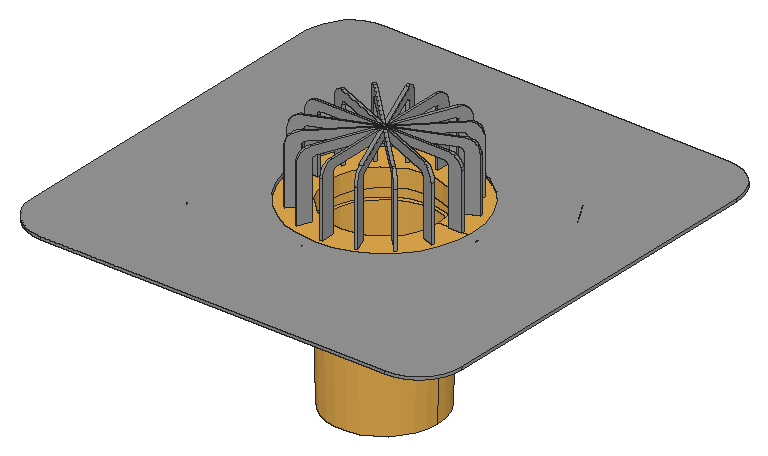
Revit family "TOPWET_Střešní vpust TW(E) 125 S", category Instalační zařizovací předměty, Revit 2016 (continued)
Definition of nested family "Perforovaný ochranný koš TWOK"
  Automatic sketch dimensions
    plane 1 "Střed (vpředu/vzadu)" to curve 85 = 22.906 mm
    curve 35 to plane 1 "Střed (vpředu/vzadu)" = 22.906 mm
    curve 36 to plane 1 "Střed (vpředu/vzadu)" = 19.102 mm
    plane 1 "Střed (vpředu/vzadu)" to curve 86 = 19.102 mm
    curve 57 to curve 56 = 2.351 mm
    curve 58 to curve 57 = 7.861 mm
    curve 8 to curve 7 = 7.861 mm
    curve 59 to curve 58 = 1.236 mm
    curve 10 to curve 9 = 2.709 mm
    curve 60 to curve 10 = 0 mm
    curve 32 to curve 33 = 12.244 mm
    curve 82 to curve 83 = 12.244 mm  (x2)
    curve 33 to curve 34 = 2.351 mm
    curve 83 to curve 84 = 2.351 mm
    curve 34 to curve 35 = 7.861 mm
    curve 84 to curve 85 = 7.861 mm
    curve 85 to curve 86 = 1.236 mm
    curve 35 to curve 36 = 1.236 mm
    curve 36 to curve 37 = 2.709 mm
    curve 87 to curve 37 = 0 mm
    curve 55 to curve 57 = 15.48 mm
    curve 80 to curve 81 = 7.861 mm
    curve 53 to curve 54 = 7.861 mm
    curve 51 to curve 53 = 1.236 mm
    curve 78 to curve 80 = 1.236 mm
    curve 52 to curve 51 = 2.709 mm
    curve 52 to curve 79 = 0 mm
    curve 56 to curve 57 = 3.236 mm
    curve 7 to curve 6 = 3.236 mm
    curve 33 to curve 32 = 12.244 mm
    curve 31 to curve 30 = 7.861 mm
    curve 4 to curve 3 = 7.861 mm
    curve 30 to curve 28 = 1.236 mm
    curve 3 to curve 1 = 1.236 mm
    curve 28 to curve 29 = 2.709 mm
    curve 2 to curve 29 = 0 mm
    Extrusion 2 sketch curve to Extrusion 2 sketch curve = 0 mm  (x38)
    Extrusion 2 sketch curve to plane 1 "Střed (vpředu/vzadu)" = 0.269 mm
    Extrusion 2 sketch curve to plane 1 "Střed (vpředu/vzadu)" = 2 mm  (x2)
    Extrusion 2 sketch curve to Extrusion 2 sketch curve = 3.188 mm  (x3)
    Extrusion 2 sketch curve to Extrusion 2 sketch curve = 3.236 mm  (x7)
    Extrusion 2 sketch curve to plane 1 "Střed (vpředu/vzadu)" = 8.424 mm
    Extrusion 2 sketch curve to Extrusion 2 sketch curve = 1.97 mm  (x4)
    Extrusion 2 sketch curve to plane 3 "Střed (vlevo/vpravo)" = 1.676 mm  (x2)
    Extrusion 2 sketch curve to Extrusion 2 sketch curve = 1.236 mm  (x3)
    plane 3 "Střed (vlevo/vpravo)" to Extrusion 2 sketch curve = 1.676 mm  (x2)
    Extrusion 2 sketch curve to Extrusion 2 sketch curve = 36.334 mm  (x4)
    plane 3 "Střed (vlevo/vpravo)" to Extrusion 2 sketch curve = 22.906 mm  (x2)
    Extrusion 2 sketch curve to Extrusion 2 sketch curve = 22.456 mm  (x3)
    Extrusion 2 sketch curve to plane 3 "Střed (vlevo/vpravo)" = 23.035 mm
    Extrusion 2 sketch curve to Extrusion 2 sketch curve = 22.528 mm
    Extrusion 2 sketch curve to plane 3 "Střed (vlevo/vpravo)" = 19.102 mm  (x2)
    Extrusion 2 sketch curve to Extrusion 2 sketch curve = 0.84 mm
    plane 3 "Střed (vlevo/vpravo)" to Extrusion 2 sketch curve = 19.102 mm  (x2)
    plane 1 "Střed (vpředu/vzadu)" to Extrusion 2 sketch curve = 2 mm  (x2)
    Extrusion 2 sketch curve to plane 3 "Střed (vlevo/vpravo)" = 22.906 mm
    Extrusion 2 sketch curve to Extrusion 2 sketch curve = 31.224 mm
    Extrusion 2 sketch curve to Extrusion 2 sketch curve = 2.351 mm  (x6)
    Extrusion 2 sketch curve to Extrusion 2 sketch curve = 11.092 mm
    Extrusion 2 sketch curve to Extrusion 2 sketch curve = 6.516 mm
    Extrusion 2 sketch curve to Extrusion 2 sketch curve = 3.804 mm  (x2)
  Nested families
    nested 1: "Odvodňovací kroužek pro ochranný koš TW ODK" at (0, 0, -15), visible <- "VPK", type "Odvodňovací kroužek pro ochranný koš TW ODK"
      with Seříznutí 0 mm, OBJEDNACÍ KÓD "TW ODK", OBJEDNACÍ KOMENTÁŘ "TW ODK, Odvodňovací kroužek"
    nested 2: "Odvodňovací kroužek pro ochranný koš TW ODK" at (0, 0, -48), visible <- "VPK", type "Odvodňovací kroužek pro ochranný koš TW ODK"
      with Seříznutí 0 mm, OBJEDNACÍ KÓD "TW ODK", OBJEDNACÍ KOMENTÁŘ "TW ODK, Odvodňovací kroužek"
    nested 3: "Odvodňovací kroužek pro ochranný koš TW ODK" at (0, 0, -81), Seříznutí <- "OK", visible <- "VOK", type "Odvodňovací kroužek pro ochranný koš TW ODK"
      with Seříznutí 15 mm, OBJEDNACÍ KÓD "TW ODK", OBJEDNACÍ KOMENTÁŘ "TW ODK, Odvodňovací kroužek"
    nested 4: "Odvodňovací kroužek pro ochranný koš TW ODK" at (0, 0, -15), visible <- "K1", type "Odvodňovací kroužek pro ochranný koš TW ODK"
      with Seříznutí 0 mm
  Definition of nested family "Odvodňovací kroužek pro ochranný koš TW ODK"
    Parameters (values of type "Odvodňovací kroužek pro ochranný koš TW ODK")
      Manufacturer = "TOPWET"  # constant formula
      URL = "http://topwet.cz/produkty/269-odvodnovaci-krouzek"
      Seříznutí [instance] = 0 mm
      Description = "Příslušenství vpusti"
      OBJEDNACÍ KÓD [instance] = "TW ODK"
      OBJEDNACÍ KOMENTÁŘ [instance] = "TW ODK, Odvodňovací kroužek"
      Model = ""  # constant formula
      Type Comments = ""  # constant formula
      Keynote = "TW ODK"
      Cost = 0
      COPYRIGHT = "©TOPWET"  # constant formula
    Reference planes
      plane 1 "Střed (vpředu/vzadu)": y = 0
      plane 2: z = 0
      plane 3 "Střed (vlevo/vpravo)": x = 0
      plane 4: z = -33
      plane 5: z = -33
      plane 6: z = -33
    Forms (mm)
      Extrusion 1, solid, detail levels medium+fine
        sketch origin (0, 0, 0) x (1, 0, 0) y (0, 1, 0)
          loop
            circle (0, 0) r 64.5
          loop
            circle (0, 0) r 67.5
        from 15 to -18
      Sweep 2, void
        path origin (0, 0, 0) x (0.987688, 0.156434, 0) y (-0.156434, 0.987688, 0)
          loop
            line (0, -72.5) -> (0, 72.5)
        profile origin (0, 0, 0) x (-0.987688, -0.156434, 0) y (0, 0, 1)
          loop
            line (7.4, -18) -> (7.4, -4.2)
            arc (7.4, -4.2) -> (6.521, -2.079) -> (4.4, -1.2) r 3
            line (4.4, -1.2) -> (-4.4, -1.2)
            arc (-4.4, -1.2) -> (-6.521, -2.079) -> (-7.4, -4.2) r 3
            line (-7.4, -4.2) -> (-7.4, -18) -> (7.4, -18)
      Sweep 3, void
        path origin (0, 0, 0) x (0.891007, 0.45399, 0) y (-0.45399, 0.891007, 0)
          loop
            line (0, -72.5) -> (0, 72.5)
        profile origin (0, 0, 0) x (-0.891007, -0.45399, 0) y (0, 0, 1)
          loop
            line (7.4, -18) -> (7.4, -4.2)
            arc (7.4, -4.2) -> (6.521, -2.079) -> (4.4, -1.2) r 3
            line (4.4, -1.2) -> (-4.4, -1.2)
            arc (-4.4, -1.2) -> (-6.521, -2.079) -> (-7.4, -4.2) r 3
            line (-7.4, -4.2) -> (-7.4, -18) -> (7.4, -18)
      Sweep 4, void
        path origin (0, 0, 0) x (0.707107, 0.707107, 0) y (-0.707107, 0.707107, 0)
          loop
            line (0, -72.5) -> (0, 72.5)
        profile origin (0, 0, 0) x (-0.707107, -0.707107, 0) y (0, 0, 1)
          loop
            line (7.4, -18) -> (7.4, -4.2)
            arc (7.4, -4.2) -> (6.521, -2.079) -> (4.4, -1.2) r 3
            line (4.4, -1.2) -> (-4.4, -1.2)
            arc (-4.4, -1.2) -> (-6.521, -2.079) -> (-7.4, -4.2) r 3
            line (-7.4, -4.2) -> (-7.4, -18) -> (7.4, -18)
      Sweep 5, void
        path origin (0, 0, 0) x (0.45399, 0.891007, 0) y (-0.891007, 0.45399, 0)
          loop
            line (0, -72.5) -> (0, 72.5)
        profile origin (0, 0, 0) x (-0.45399, -0.891007, 0) y (0, 0, 1)
          loop
            line (7.4, -18) -> (7.4, -4.2)
            arc (7.4, -4.2) -> (6.521, -2.079) -> (4.4, -1.2) r 3
            line (4.4, -1.2) -> (-4.4, -1.2)
            arc (-4.4, -1.2) -> (-6.521, -2.079) -> (-7.4, -4.2) r 3
            line (-7.4, -4.2) -> (-7.4, -18) -> (7.4, -18)
      Sweep 6, void
        path origin (0, 0, 0) x (0.156434, 0.987688, 0) y (-0.987688, 0.156434, 0)
          loop
            line (0, -72.5) -> (0, 72.5)
        profile origin (0, 0, 0) x (-0.156434, -0.987688, 0) y (0, 0, 1)
          loop
            line (7.4, -18) -> (7.4, -4.2)
            arc (7.4, -4.2) -> (6.521, -2.079) -> (4.4, -1.2) r 3
            line (4.4, -1.2) -> (-4.4, -1.2)
            arc (-4.4, -1.2) -> (-6.521, -2.079) -> (-7.4, -4.2) r 3
            line (-7.4, -4.2) -> (-7.4, -18) -> (7.4, -18)
      Sweep 7, void
        path origin (0, 0, 0) x (-0.987688, 0.156434, 0) y (0.156434, 0.987688, 0)
          loop
            line (0, -72.5) -> (0, 72.5)
        profile origin (0, 0, 0) x (-0.987688, 0.156434, 0) y (0, 0, 1)
          loop
            line (-7.4, -18) -> (7.4, -18) -> (7.4, -4.2)
            arc (7.4, -4.2) -> (6.521, -2.079) -> (4.4, -1.2) r 3
            line (4.4, -1.2) -> (-4.4, -1.2)
            arc (-4.4, -1.2) -> (-6.521, -2.079) -> (-7.4, -4.2) r 3
            line (-7.4, -4.2) -> (-7.4, -18)
      Sweep 8, void
        path origin (0, 0, 0) x (-0.891007, 0.45399, 0) y (0.45399, 0.891007, 0)
          loop
            line (0, -72.5) -> (0, 72.5)
        profile origin (0, 0, 0) x (-0.891007, 0.45399, 0) y (0, 0, 1)
          loop
            line (-7.4, -18) -> (7.4, -18) -> (7.4, -4.2)
            arc (7.4, -4.2) -> (6.521, -2.079) -> (4.4, -1.2) r 3
            line (4.4, -1.2) -> (-4.4, -1.2)
            arc (-4.4, -1.2) -> (-6.521, -2.079) -> (-7.4, -4.2) r 3
            line (-7.4, -4.2) -> (-7.4, -18)
      Sweep 9, void
        path origin (0, 0, 0) x (-0.707107, 0.707107, 0) y (0.707107, 0.707107, 0)
          loop
            line (0, -72.5) -> (0, 72.5)
        profile origin (0, 0, 0) x (-0.707107, 0.707107, 0) y (0, 0, 1)
          loop
            line (-7.4, -18) -> (7.4, -18) -> (7.4, -4.2)
            arc (7.4, -4.2) -> (6.521, -2.079) -> (4.4, -1.2) r 3
            line (4.4, -1.2) -> (-4.4, -1.2)
            arc (-4.4, -1.2) -> (-6.521, -2.079) -> (-7.4, -4.2) r 3
            line (-7.4, -4.2) -> (-7.4, -18)
      Sweep 10, void
        path origin (0, 0, 0) x (-0.45399, 0.891007, 0) y (0.891007, 0.45399, 0)
          loop
            line (0, -72.5) -> (0, 72.5)
        profile origin (0, 0, 0) x (-0.45399, 0.891007, 0) y (0, 0, 1)
          loop
            line (-7.4, -18) -> (7.4, -18) -> (7.4, -4.2)
            arc (7.4, -4.2) -> (6.521, -2.079) -> (4.4, -1.2) r 3
            line (4.4, -1.2) -> (-4.4, -1.2)
            arc (-4.4, -1.2) -> (-6.521, -2.079) -> (-7.4, -4.2) r 3
            line (-7.4, -4.2) -> (-7.4, -18)
      Sweep 11, void
        path origin (0, 0, 0) x (-0.156434, 0.987688, 0) y (0.987688, 0.156434, 0)
          loop
            line (0, -72.5) -> (0, 72.5)
        profile origin (0, 0, 0) x (-0.156434, 0.987688, 0) y (0, 0, 1)
          loop
            line (-7.4, -18) -> (7.4, -18) -> (7.4, -4.2)
            arc (7.4, -4.2) -> (6.521, -2.079) -> (4.4, -1.2) r 3
            line (4.4, -1.2) -> (-4.4, -1.2)
            arc (-4.4, -1.2) -> (-6.521, -2.079) -> (-7.4, -4.2) r 3
            line (-7.4, -4.2) -> (-7.4, -18)
      Extrusion 12, solid, detail levels medium+fine
        sketch origin (0, 0, 0) x (1, 0, 0) y (0, 1, 0)
          loop
            circle (0, 0) r 60
          loop
            circle (0, 0) r 64.5
        from -18 to -33
    Cuts and joins
      Sweep 2, Sweep 3, Sweep 4, Sweep 5, Sweep 6, Sweep 7, Sweep 8, Sweep 9, Sweep 10, Sweep 11 cuts Extrusion 1
    Dimensions and locks
      "Seříznutí": plane 5 to plane 4
      locked: plane 6 to plane 5 at 0
      aligned and locked: level to plane 2
    Automatic sketch dimensions
      Extrusion 1 sketch curve to Extrusion 1 sketch curve = 0 mm  (x2)
      plane 1 "Střed (vpředu/vzadu)" to Extrusion 1 sketch curve = 0 mm
      Extrusion 1 sketch curve to plane 3 "Střed (vlevo/vpravo)" = 0 mm
      Sweep 2 sketch curve to plane 3 "Střed (vlevo/vpravo)" = 11.341 mm
      Sweep 2 sketch curve to plane 1 "Střed (vpředu/vzadu)" = 71.607 mm
      Sweep 2 sketch curve to Sweep 2 sketch curve = 145 mm
      profile plane to Sweep 2 sketch curve = 7.4 mm
      Sweep 2 sketch curve to level = 1.2 mm
      Sweep 2 sketch curve to Sweep 2 sketch curve = 3 mm
      Sweep 2 sketch curve to profile plane = 4.4 mm
      Sweep 2 sketch curve to profile plane = 7.4 mm
      Sweep 2 sketch curve to Sweep 2 sketch curve = 13.8 mm
      Sweep 3 sketch curve to plane 3 "Střed (vlevo/vpravo)" = 32.914 mm
      Sweep 3 sketch curve to plane 1 "Střed (vpředu/vzadu)" = 64.598 mm
      Sweep 3 sketch curve to Sweep 3 sketch curve = 145 mm
      profile plane to Sweep 3 sketch curve = 7.4 mm
      Sweep 3 sketch curve to level = 1.2 mm
      Sweep 3 sketch curve to Sweep 3 sketch curve = 3 mm
      Sweep 3 sketch curve to profile plane = 4.4 mm
      Sweep 3 sketch curve to profile plane = 7.4 mm
      Sweep 3 sketch curve to Sweep 3 sketch curve = 13.8 mm
      Sweep 4 sketch curve to plane 1 "Střed (vpředu/vzadu)" = 51.265 mm
      Sweep 4 sketch curve to plane 3 "Střed (vlevo/vpravo)" = 51.265 mm
      Sweep 4 sketch curve to Sweep 4 sketch curve = 145 mm
      profile plane to Sweep 4 sketch curve = 7.4 mm
      Sweep 4 sketch curve to level = 1.2 mm
      Sweep 4 sketch curve to Sweep 4 sketch curve = 3 mm
      Sweep 4 sketch curve to profile plane = 4.4 mm
      Sweep 4 sketch curve to profile plane = 7.4 mm
      Sweep 4 sketch curve to Sweep 4 sketch curve = 13.8 mm
      Sweep 5 sketch curve to plane 1 "Střed (vpředu/vzadu)" = 32.914 mm
      Sweep 5 sketch curve to plane 3 "Střed (vlevo/vpravo)" = 64.598 mm
      Sweep 5 sketch curve to Sweep 5 sketch curve = 145 mm
      profile plane to Sweep 5 sketch curve = 7.4 mm
      Sweep 5 sketch curve to level = 1.2 mm
      Sweep 5 sketch curve to Sweep 5 sketch curve = 3 mm
      Sweep 5 sketch curve to profile plane = 4.4 mm
      Sweep 5 sketch curve to profile plane = 7.4 mm
      Sweep 5 sketch curve to Sweep 5 sketch curve = 13.8 mm
      Sweep 6 sketch curve to plane 1 "Střed (vpředu/vzadu)" = 11.341 mm
      Sweep 6 sketch curve to plane 3 "Střed (vlevo/vpravo)" = 71.607 mm
      Sweep 6 sketch curve to Sweep 6 sketch curve = 145 mm
      profile plane to Sweep 6 sketch curve = 7.4 mm
      Sweep 6 sketch curve to level = 1.2 mm
      Sweep 6 sketch curve to Sweep 6 sketch curve = 3 mm
      Sweep 6 sketch curve to profile plane = 4.4 mm
      Sweep 6 sketch curve to profile plane = 7.4 mm
      Sweep 6 sketch curve to Sweep 6 sketch curve = 13.8 mm
      Sweep 7 sketch curve to plane 3 "Střed (vlevo/vpravo)" = 11.341 mm
      plane 1 "Střed (vpředu/vzadu)" to Sweep 7 sketch curve = 71.607 mm
      Sweep 7 sketch curve to Sweep 7 sketch curve = 145 mm
      profile plane to Sweep 7 sketch curve = 7.4 mm
      Sweep 7 sketch curve to level = 1.2 mm
      Sweep 7 sketch curve to Sweep 7 sketch curve = 3 mm
      Sweep 7 sketch curve to profile plane = 4.4 mm
      Sweep 7 sketch curve to profile plane = 7.4 mm
      Sweep 7 sketch curve to Sweep 7 sketch curve = 13.8 mm
      Sweep 8 sketch curve to plane 3 "Střed (vlevo/vpravo)" = 32.914 mm
      plane 1 "Střed (vpředu/vzadu)" to Sweep 8 sketch curve = 64.598 mm
      Sweep 8 sketch curve to Sweep 8 sketch curve = 145 mm
      profile plane to Sweep 8 sketch curve = 7.4 mm
      Sweep 8 sketch curve to level = 1.2 mm
      Sweep 8 sketch curve to Sweep 8 sketch curve = 3 mm
      Sweep 8 sketch curve to profile plane = 4.4 mm
      Sweep 8 sketch curve to profile plane = 7.4 mm
      Sweep 8 sketch curve to Sweep 8 sketch curve = 13.8 mm
      plane 1 "Střed (vpředu/vzadu)" to Sweep 9 sketch curve = 51.265 mm
      Sweep 9 sketch curve to plane 3 "Střed (vlevo/vpravo)" = 51.265 mm
      Sweep 9 sketch curve to Sweep 9 sketch curve = 145 mm
      profile plane to Sweep 9 sketch curve = 7.4 mm
      Sweep 9 sketch curve to level = 1.2 mm
      Sweep 9 sketch curve to Sweep 9 sketch curve = 3 mm
      Sweep 9 sketch curve to profile plane = 4.4 mm
      Sweep 9 sketch curve to profile plane = 7.4 mm
      Sweep 9 sketch curve to Sweep 9 sketch curve = 13.8 mm
      plane 1 "Střed (vpředu/vzadu)" to Sweep 10 sketch curve = 32.914 mm
      Sweep 10 sketch curve to plane 3 "Střed (vlevo/vpravo)" = 64.598 mm
      Sweep 10 sketch curve to Sweep 10 sketch curve = 145 mm
      profile plane to Sweep 10 sketch curve = 7.4 mm
      Sweep 10 sketch curve to level = 1.2 mm
      Sweep 10 sketch curve to Sweep 10 sketch curve = 3 mm
      Sweep 10 sketch curve to profile plane = 4.4 mm
      Sweep 10 sketch curve to profile plane = 7.4 mm
      Sweep 10 sketch curve to Sweep 10 sketch curve = 13.8 mm
      plane 1 "Střed (vpředu/vzadu)" to Sweep 11 sketch curve = 11.341 mm
      Sweep 11 sketch curve to plane 3 "Střed (vlevo/vpravo)" = 71.607 mm
      Sweep 11 sketch curve to Sweep 11 sketch curve = 145 mm
      profile plane to Sweep 11 sketch curve = 7.4 mm
      Sweep 11 sketch curve to level = 1.2 mm
      Sweep 11 sketch curve to Sweep 11 sketch curve = 3 mm
      Sweep 11 sketch curve to profile plane = 4.4 mm
      Sweep 11 sketch curve to profile plane = 7.4 mm
      Sweep 11 sketch curve to Sweep 11 sketch curve = 13.8 mm
      Extrusion 12 sketch curve to Extrusion 12 sketch curve = 0 mm  (x2)
      plane 1 "Střed (vpředu/vzadu)" to Extrusion 12 sketch curve = 0 mm
      Extrusion 12 sketch curve to plane 3 "Střed (vlevo/vpravo)" = 0 mm
      radius of Extrusion 1 sketch curve = 64.5 mm
      radius of Extrusion 1 sketch curve = 67.5 mm
      radius of Extrusion 12 sketch curve = 60 mm
      radius of Extrusion 12 sketch curve = 64.5 mm
Definition of nested family "Terasový nástavec TW TER"
  Parameters (values of type "Terasový nástavec TW TER")
    Výška_Minimální = 19.5 mm  # constant formula
    Výška_Maximální = 161 mm  # constant formula
    Výška [instance] = 161 mm
    Manufacturer = "TOPWET"  # constant formula
    VK [instance] = (D / 10 mm - 2) > 1  # yes
    URL = "http://www.topwet.cz/produkty/270-terasovy-nastavec"
    Type Image = element 941891
    Description = "Příslušenství vpusti"
    PK [instance] = if((D / 10 mm - 2) < 2, 2, D / 10 mm - 2)  # 11
    OBJEDNACÍ KÓD [instance] = "TW TER"
    Model = "viz OBJEDNACÍ KÓD"
    Materiál_Mřížka = none
    MD1 [instance] = -D  # -128 mm
    Kontrola [instance] = not(or(Výška > Výška_Maximální, Výška < Výška_Minimální))  # yes
    Type Comments = "Terasový nástavec TOPWET s nerezovou mřížkou pro balkóny a terasy s lepenou nebo jinak uloženou dlažbou. Součástí balení je odvodňovací kroužek pro odtok vody z hlavní hydroizolace. Terasový nástavec lze prodloužit dalším odvodňovací kroužkem TW ODK o 33 mm nebo nástavcem TWN TER. Výšku nástavce lze upravit. Provedení ze silnostěnného polyamidu PA6 UV Stabil."
    Keynote = ""
    KO [instance] = if(Kontrola, -8 mm, 0 mm)  # -8 mm
    E [instance] = if(Kontrola, D - 19.5 mm, 0 mm)  # 108.5 mm
    D [instance] = if(Výška < 127.5 mm, Výška, Výška - 33 mm)  # 128 mm
    Cost = 0
    COPYRIGHT = "©TOPWET"  # constant formula
  Reference planes
    plane 1 "Střed (vpředu/vzadu)": y = 0
    plane 2: z = 0
    plane 3 "Střed (vlevo/vpravo)": x = 0
    plane 4: z = -128
    plane 5: z = -161
    plane 6: z = -149
  Forms (mm)
    Extrusion 1, solid, material <- "Materiál_Mřížka", detail levels medium+fine
      sketch origin (0, 0, 0) x (1, 0, 0) y (0, 1, 0)
        loop
          line (-64.5, 64.5) -> (-64.5, -64.5) -> (64.5, -64.5) -> (64.5, 64.5) -> (-64.5, 64.5)
      from 0 to -8 <- "KO"
    Sweep 2, solid, detail levels medium+fine
      path origin (0, 0, 0) x (1, 0, 0) y (0, 1, 0)
        loop
          line (-67.5, 67.5) -> (-67.5, -67.5) -> (67.5, -67.5) -> (67.5, 67.5) -> (-67.5, 67.5)
      profile origin (0, 67.5, 0) x (0, 1, 0) y (0, 0, 1)
        loop
          line (0, 0) -> (-3, 0) -> (-3, -8) -> (-12.5, -8) -> (-12.5, -19.5) -> (-3, -19.5) -> (-3, -10.5) -> (0, -10.5) -> (0, 0)
    Extrusion 3, solid, detail levels medium+fine
      sketch origin (-64.5, 64.5, -19.5) x (0, -1, 0) y (-1, 0, 0)
        loop
          circle (64.5, -64.5) r 64.5
        loop
          circle (64.5, -64.5) r 60
      from 0 to 108.5 <- "E"
  Lines and regions (mm)
    model lines, detail levels medium+fine
      curve 1: line (0, 0, 0) -> (0, 0, 100)
    model lines, detail levels fine
      curve 2: line (-9.777, 4.168, 0) -> (-9.776, 1.724, 0)
      curve 3: line (-9.776, 1.724, 0) -> (-7.339, 1.724, 0)
      curve 4: line (-7.339, 1.724, 0) -> (-7.339, -4.114, 0)
      curve 5: line (-7.339, -4.114, 0) -> (-4.379, -4.114, 0)
      curve 6: line (-4.379, -4.114, 0) -> (-4.379, 1.724, 0)
      curve 7: line (-4.379, 1.724, 0) -> (-2.028, 1.724, 0)
      curve 8: line (-2.028, 1.724, 0) -> (-1.071, -4.114, 0)
      curve 9: line (-1.071, -4.114, 0) -> (2.498, -4.114, 0)
      curve 10: line (2.498, -4.114, 0) -> (3.456, 1.724, 0)
      curve 11: line (3.456, 1.724, 0) -> (4.239, -4.114, 0)
      curve 12: line (4.239, -4.114, 0) -> (7.722, -4.114, 0)
      curve 13: line (7.722, -4.114, 0) -> (9.376, 4.168, 0)
      curve 14: line (9.376, 4.168, 0) -> (6.677, 4.168, 0)
      curve 15: line (6.677, 4.168, 0) -> (5.98, -1.758, 0)
      curve 16: line (5.98, -1.758, 0) -> (5.197, 4.168, 0)
      curve 17: line (5.197, 4.168, 0) -> (1.889, 4.168, 0)
      curve 18: line (1.889, 4.168, 0) -> (0.844, -1.758, 0)
      curve 19: line (0.844, -1.758, 0) -> (0.322, 4.168, 0)
      curve 20: line (0.322, 4.168, 0) -> (-9.777, 4.168, 0)
      curve 21: line (-17.5, -2.5, 0) -> (-17.5, 53.5, 0)
      curve 22: line (-33.5, 53.5, 0) -> (-33.5, -2.5, 0)
      curve 23: line (-49.5, -2.5, 0) -> (-49.5, 53.5, 0)
      curve 24: line (-2.5, 49.5, 0) -> (53.5, 49.5, 0)
      curve 25: line (53.5, 33.5, 0) -> (-2.5, 33.5, 0)
      curve 26: line (-2.5, 17.5, 0) -> (53.5, 17.5, 0)
      curve 27: line (49.5, 2.5, 0) -> (49.5, -53.5, 0)
      curve 28: line (33.5, -53.5, 0) -> (33.5, 2.5, 0)
      curve 29: line (17.5, 2.5, 0) -> (17.5, -53.5, 0)
      curve 30: line (2.5, -49.5, 0) -> (-53.5, -49.5, 0)
      curve 31: line (-53.5, -33.5, 0) -> (2.5, -33.5, 0)
      curve 32: line (2.5, -17.5, 0) -> (-53.5, -17.5, 0)
  Dimensions and locks
    locked: Sweep 2 to nested 1 at 6
    equal spacing: group 1, group 3, group 4, group 5, group 6, group 7, group 8, group 9, group 10, group 11, group 2  (x2)
    equal spacing: group 2, group 11, group 10, group 9, group 8, group 7, group 6, group 5, group 4, group 3, group 1
    locked: nested 2 to plane 4 at 6
    "D": plane 2 to plane 4
    "Výška": plane 2 to plane 5
    locked: nested 3 to plane 4 at 15
    plane 6 to plane 5 = 12 mm
    aligned and locked: level to plane 2
    aligned and locked: plane 3 "Střed (vlevo/vpravo)" to nested 3
    aligned and locked: plane 1 "Střed (vpředu/vzadu)" to nested 3
  Automatic sketch dimensions
    Extrusion 1 sketch curve to plane 3 "Střed (vlevo/vpravo)" = 64.5 mm
    plane 3 "Střed (vlevo/vpravo)" to Extrusion 1 sketch curve = 64.5 mm
    plane 1 "Střed (vpředu/vzadu)" to Extrusion 1 sketch curve = 64.5 mm
    Extrusion 1 sketch curve to plane 1 "Střed (vpředu/vzadu)" = 64.5 mm
    Sweep 2 sketch curve to plane 3 "Střed (vlevo/vpravo)" = 67.5 mm
    plane 3 "Střed (vlevo/vpravo)" to Sweep 2 sketch curve = 67.5 mm
    plane 1 "Střed (vpředu/vzadu)" to Sweep 2 sketch curve = 67.5 mm
    Sweep 2 sketch curve to plane 1 "Střed (vpředu/vzadu)" = 67.5 mm
    level to Sweep 2 sketch curve = 0 mm
    Sweep 2 sketch curve to profile plane = 0 mm
    profile plane to Sweep 2 sketch curve = 3 mm
    Sweep 2 sketch curve to Sweep 2 sketch curve = 9.5 mm
    Sweep 2 sketch curve to Sweep 2 sketch curve = 9 mm
    Sweep 2 sketch curve to Sweep 2 sketch curve = 2.5 mm
    Sweep 2 sketch curve to Sweep 2 sketch curve = 0 mm
    Sweep 2 sketch curve to level = 19.5 mm
    Extrusion 3 sketch curve to Extrusion 3 sketch curve = 0 mm  (x2)
    Extrusion 3 sketch curve to Sweep 2 = 55 mm
    Sweep 2 to Extrusion 3 sketch curve = 55 mm
    curve 1 to plane 3 "Střed (vlevo/vpravo)" = 0 mm
    curve 1 to level = 0 mm
    level to curve 1 = 100 mm
    curve 3 to plane 1 "Střed (vpředu/vzadu)" = 1.724 mm  (x2)
    curve 3 to plane 3 "Střed (vlevo/vpravo)" = 9.776 mm
    curve 2 to curve 4 = 2.437 mm
    curve 4 to curve 6 = 2.96 mm
    curve 8 to plane 3 "Střed (vlevo/vpravo)" = 2.028 mm
    curve 9 to plane 3 "Střed (vlevo/vpravo)" = 1.071 mm
    plane 3 "Střed (vlevo/vpravo)" to curve 18 = 0.844 mm
    plane 3 "Střed (vlevo/vpravo)" to curve 18 = 1.889 mm
    plane 3 "Střed (vlevo/vpravo)" to curve 9 = 2.498 mm
    curve 10 to plane 1 "Střed (vpředu/vzadu)" = 1.724 mm
    curve 17 to curve 10 = 1.567 mm
    curve 9 to curve 12 = 1.741 mm
    curve 10 to curve 16 = 1.741 mm
    plane 1 "Střed (vpředu/vzadu)" to curve 16 = 1.758 mm
    curve 11 to curve 16 = 1.741 mm
    curve 16 to curve 14 = 1.48 mm
    curve 15 to curve 13 = 1.741 mm
    curve 14 to curve 13 = 2.699 mm
    plane 1 "Střed (vpředu/vzadu)" to curve 8 = 4.114 mm
    curve 6 to curve 8 = 0 mm
    curve 9 to curve 12 = 0 mm
    plane 1 "Střed (vpředu/vzadu)" to curve 18 = 1.758 mm
    curve 6 to plane 1 "Střed (vpředu/vzadu)" = 1.724 mm
    curve 16 to curve 14 = 0 mm
    curve 2 to curve 2 = 0.001 mm
    plane 3 "Střed (vlevo/vpravo)" to curve 19 = 0.322 mm
    curve 10 to curve 15 = 2.444 mm
    curve 2 to curve 2 = 2.444 mm
    curve 21 to plane 3 "Střed (vlevo/vpravo)" = 17.5 mm
    plane 1 "Střed (vpředu/vzadu)" to curve 21 = 2.5 mm
    curve 2 to curve 21 = 49.331 mm
    plane 1 "Střed (vpředu/vzadu)" to curve 22 = 2.5 mm
    curve 22 to curve 21 = 16 mm
    curve 22 to curve 21 = 0 mm
    curve 23 to curve 22 = 16 mm
    plane 1 "Střed (vpředu/vzadu)" to curve 23 = 2.5 mm
    curve 23 to curve 22 = 0 mm
    curve 24 to plane 3 "Střed (vlevo/vpravo)" = 2.5 mm
    plane 3 "Střed (vlevo/vpravo)" to curve 24 = 53.5 mm
    curve 24 to curve 21 = 3.999 mm
    curve 25 to plane 3 "Střed (vlevo/vpravo)" = 2.5 mm
    curve 25 to curve 24 = 0 mm
    curve 25 to curve 24 = 16 mm
    curve 26 to plane 3 "Střed (vlevo/vpravo)" = 2.5 mm
    curve 26 to curve 25 = 0 mm
    curve 19 to curve 26 = 13.332 mm
    curve 27 to plane 1 "Střed (vpředu/vzadu)" = 2.5 mm
    curve 27 to curve 26 = 4 mm
    plane 1 "Střed (vpředu/vzadu)" to curve 27 = 53.5 mm
    curve 28 to curve 27 = 16 mm
    curve 28 to curve 27 = 0 mm
    curve 28 to plane 1 "Střed (vpředu/vzadu)" = 2.5 mm
    curve 29 to plane 1 "Střed (vpředu/vzadu)" = 2.5 mm
    curve 13 to curve 29 = 8.124 mm
    curve 29 to curve 28 = 0 mm
    curve 30 to curve 23 = 4 mm
    plane 3 "Střed (vlevo/vpravo)" to curve 30 = 2.5 mm
    curve 30 to curve 23 = 47 mm
    curve 31 to curve 30 = 0 mm
    plane 3 "Střed (vlevo/vpravo)" to curve 31 = 2.5 mm
    curve 30 to curve 31 = 16 mm
    curve 32 to curve 23 = 4 mm
    plane 3 "Střed (vlevo/vpravo)" to curve 32 = 2.5 mm
    curve 32 to curve 9 = 13.386 mm
    radius of Extrusion 3 sketch curve = 64.5 mm
    radius of Extrusion 3 sketch curve = 60 mm
  Nested families
    nested 1: "Kroužek" at (0, 0, -25.5), visible <- "VK", type "Kroužek"
      with R 64.5 mm, D 129 mm
    nested 2: "Kroužek" at (0, 0, -122), visible <- "VK", type "Kroužek"
      with R 64.5 mm, D 129 mm
    nested 3: "Odvodňovací kroužek pro ochranný koš TW ODK" at (0, 0, -128), visible <- "VK", type "Odvodňovací kroužek pro ochranný koš TW ODK", detail levels medium+fine
      with Seříznutí 0 mm
    nested 4: "Kroužek" at (0, 0, -35.15), visible <- "VK", type "Kroužek"
      with R 64.5 mm, D 129 mm
    nested 5: "Kroužek" at (0, 0, -44.8), visible <- "VK", type "Kroužek"
      with R 64.5 mm, D 129 mm
    nested 6: "Kroužek" at (0, 0, -54.45), visible <- "VK", type "Kroužek"
      with R 64.5 mm, D 129 mm
    nested 7: "Kroužek" at (0, 0, -64.1), visible <- "VK", type "Kroužek"
      with R 64.5 mm, D 129 mm
    nested 8: "Kroužek" at (0, 0, -73.75), visible <- "VK", type "Kroužek"
      with R 64.5 mm, D 129 mm
    nested 9: "Kroužek" at (0, 0, -83.4), visible <- "VK", type "Kroužek"
      with R 64.5 mm, D 129 mm
    nested 10: "Kroužek" at (0, 0, -93.05), visible <- "VK", type "Kroužek"
      with R 64.5 mm, D 129 mm
    nested 11: "Kroužek" at (0, 0, -102.7), visible <- "VK", type "Kroužek"
      with R 64.5 mm, D 129 mm
    nested 12: "Kroužek" at (0, 0, -112.35), visible <- "VK", type "Kroužek"
      with R 64.5 mm, D 129 mm
  Definition of nested family "Kroužek"
    Parameters (values of type "Kroužek")
      Manufacturer = ""
      URL = "⁫‌⁪‭⁡​‭​​​​​​​​​​​ ​​‍⁣⁢ ‎ ​⁤‭‎‎​‌​ ​⁣‌ ⁡‪​ ‪‭ ​⁢‎‎⁤‎‭‪‭‌​⁡‭ ‭‍ ⁡‬‭​⁣ ‌‪‭‍‍ ‍  ⁤‎⁢‎​‬‍ ‍ ‬⁤⁪‎⁪‪⁡⁢​⁣‬⁤‪⁡‎⁪⁢‬ ⁢‪⁪⁤⁡⁡‎​⁢ ‎‎‪‌⁢‎ ⁢‬‎⁣⁤⁤⁡‬‎‌⁪   ‭⁣‬⁡⁪‪‪‭⁣⁢‪​   ⁢⁣⁪‬⁣⁣‎ ⁢⁤‬‪  ⁪‬⁪‍​⁤ ‌⁪ ‭⁪⁣⁡ ‌  ‎‌‌⁡‌⁤⁣ ‍  ​  ‎⁣‍ ⁤‎⁢⁤⁡‭⁤‌⁣⁣‭‍⁤‪⁣  ⁢ ⁢   ‬‍‭ ‪⁢⁤⁢⁢​‎‍‍ ​‍‬  ‭⁣​‍‬ ⁪  ​‎⁢ ‭‍⁡‪ ⁢ ⁪  ‍   ‪⁤‬‌‍⁪ ⁣‬‪​‬⁤⁢​‌  ‬​ ​ ⁢​⁢​‭‪  ​‭  ‍⁣​‭‍  ‌⁡⁣‌  ​ ⁢‌   ‍‎ ⁤⁣‌‬‬‎ ⁣⁡‪ ⁪⁢‪​​​​​​⁫"
      R = D / 2  # 52 mm
      Description = ""
      Model = ""
      Type Comments = ""
      D = 104 mm
      Cost = 0
    Reference planes
      plane 1 "Střed (vpředu/vzadu)": y = 0
      plane 2: z = 0
      plane 3 "Střed (vlevo/vpravo)": x = 0
    Forms (mm)
      Revolve 1, solid, detail levels fine
        sketch origin (0, 0, 0) x (1, 0, 0) y (0, 0, 1)
          loop
            line (-52, 1.482) -> (-55.264, 0) -> (-52, -1.516) -> (-52, 1.482)
          axis (0, 1.482) -> (0, -1.516)
        angle from 0 to 360
    Dimensions and locks
      "R": Revolve 1 sketch curve to plane 3 "Střed (vlevo/vpravo)"
      aligned and locked: level to plane 2
      aligned and locked: Revolve 1 sketch curve to plane 3 "Střed (vlevo/vpravo)"
    Automatic sketch dimensions
      Revolve 1 sketch curve to level = 0 mm
      Revolve 1 sketch curve to Revolve 1 sketch curve = 3.264 mm
      Revolve 1 sketch curve to level = 1.516 mm
      level to Revolve 1 sketch curve = 1.482 mm
      Revolve 1 sketch curve to level = 381 mm
      Revolve 1 sketch curve to Revolve 1 sketch curve = 2212.833 mm
  Definition of nested family "Odvodňovací kroužek pro ochranný koš TW ODK"
    Parameters (values of type "Odvodňovací kroužek pro ochranný koš TW ODK")
      Manufacturer = "TOPWET"  # constant formula
      URL = "http://topwet.cz/produkty/269-odvodnovaci-krouzek"
      Seříznutí [instance] = 0 mm
      Description = "Příslušenství vpusti"
      OBJEDNACÍ KÓD [instance] = "TW ODK"
      OBJEDNACÍ KOMENTÁŘ [instance] = "TW ODK, Odvodňovací kroužek"
      Model = ""  # constant formula
      Type Comments = ""  # constant formula
      Keynote = "TW ODK"
      Cost = 0
      COPYRIGHT = "©TOPWET"  # constant formula
    Reference planes
      plane 1 "Střed (vpředu/vzadu)": y = 0
      plane 2: z = 0
      plane 3 "Střed (vlevo/vpravo)": x = 0
      plane 4: z = -33
      plane 5: z = -33
      plane 6: z = -33
    Forms (mm)
      Extrusion 1, solid, detail levels medium+fine
        sketch origin (0, 0, 0) x (1, 0, 0) y (0, 1, 0)
          loop
            circle (0, 0) r 64.5
          loop
            circle (0, 0) r 67.5
        from 15 to -18
      Sweep 2, void
        path origin (0, 0, 0) x (0.987688, 0.156434, 0) y (-0.156434, 0.987688, 0)
          loop
            line (0, -72.5) -> (0, 72.5)
        profile origin (0, 0, 0) x (-0.987688, -0.156434, 0) y (0, 0, 1)
          loop
            line (7.4, -18) -> (7.4, -4.2)
            arc (7.4, -4.2) -> (6.521, -2.079) -> (4.4, -1.2) r 3
            line (4.4, -1.2) -> (-4.4, -1.2)
            arc (-4.4, -1.2) -> (-6.521, -2.079) -> (-7.4, -4.2) r 3
            line (-7.4, -4.2) -> (-7.4, -18) -> (7.4, -18)
      Sweep 3, void
        path origin (0, 0, 0) x (0.891007, 0.45399, 0) y (-0.45399, 0.891007, 0)
          loop
            line (0, -72.5) -> (0, 72.5)
        profile origin (0, 0, 0) x (-0.891007, -0.45399, 0) y (0, 0, 1)
          loop
            line (7.4, -18) -> (7.4, -4.2)
            arc (7.4, -4.2) -> (6.521, -2.079) -> (4.4, -1.2) r 3
            line (4.4, -1.2) -> (-4.4, -1.2)
            arc (-4.4, -1.2) -> (-6.521, -2.079) -> (-7.4, -4.2) r 3
            line (-7.4, -4.2) -> (-7.4, -18) -> (7.4, -18)
      Sweep 4, void
        path origin (0, 0, 0) x (0.707107, 0.707107, 0) y (-0.707107, 0.707107, 0)
          loop
            line (0, -72.5) -> (0, 72.5)
        profile origin (0, 0, 0) x (-0.707107, -0.707107, 0) y (0, 0, 1)
          loop
            line (7.4, -18) -> (7.4, -4.2)
            arc (7.4, -4.2) -> (6.521, -2.079) -> (4.4, -1.2) r 3
            line (4.4, -1.2) -> (-4.4, -1.2)
            arc (-4.4, -1.2) -> (-6.521, -2.079) -> (-7.4, -4.2) r 3
            line (-7.4, -4.2) -> (-7.4, -18) -> (7.4, -18)
      Sweep 5, void
        path origin (0, 0, 0) x (0.45399, 0.891007, 0) y (-0.891007, 0.45399, 0)
          loop
            line (0, -72.5) -> (0, 72.5)
        profile origin (0, 0, 0) x (-0.45399, -0.891007, 0) y (0, 0, 1)
          loop
            line (7.4, -18) -> (7.4, -4.2)
            arc (7.4, -4.2) -> (6.521, -2.079) -> (4.4, -1.2) r 3
            line (4.4, -1.2) -> (-4.4, -1.2)
            arc (-4.4, -1.2) -> (-6.521, -2.079) -> (-7.4, -4.2) r 3
            line (-7.4, -4.2) -> (-7.4, -18) -> (7.4, -18)
      Sweep 6, void
        path origin (0, 0, 0) x (0.156434, 0.987688, 0) y (-0.987688, 0.156434, 0)
          loop
            line (0, -72.5) -> (0, 72.5)
        profile origin (0, 0, 0) x (-0.156434, -0.987688, 0) y (0, 0, 1)
          loop
            line (7.4, -18) -> (7.4, -4.2)
            arc (7.4, -4.2) -> (6.521, -2.079) -> (4.4, -1.2) r 3
            line (4.4, -1.2) -> (-4.4, -1.2)
            arc (-4.4, -1.2) -> (-6.521, -2.079) -> (-7.4, -4.2) r 3
            line (-7.4, -4.2) -> (-7.4, -18) -> (7.4, -18)
      Sweep 7, void
        path origin (0, 0, 0) x (-0.987688, 0.156434, 0) y (0.156434, 0.987688, 0)
          loop
            line (0, -72.5) -> (0, 72.5)
        profile origin (0, 0, 0) x (-0.987688, 0.156434, 0) y (0, 0, 1)
          loop
            line (-7.4, -18) -> (7.4, -18) -> (7.4, -4.2)
            arc (7.4, -4.2) -> (6.521, -2.079) -> (4.4, -1.2) r 3
            line (4.4, -1.2) -> (-4.4, -1.2)
            arc (-4.4, -1.2) -> (-6.521, -2.079) -> (-7.4, -4.2) r 3
            line (-7.4, -4.2) -> (-7.4, -18)
      Sweep 8, void
        path origin (0, 0, 0) x (-0.891007, 0.45399, 0) y (0.45399, 0.891007, 0)
          loop
            line (0, -72.5) -> (0, 72.5)
        profile origin (0, 0, 0) x (-0.891007, 0.45399, 0) y (0, 0, 1)
          loop
            line (-7.4, -18) -> (7.4, -18) -> (7.4, -4.2)
            arc (7.4, -4.2) -> (6.521, -2.079) -> (4.4, -1.2) r 3
            line (4.4, -1.2) -> (-4.4, -1.2)
            arc (-4.4, -1.2) -> (-6.521, -2.079) -> (-7.4, -4.2) r 3
            line (-7.4, -4.2) -> (-7.4, -18)
      Sweep 9, void
        path origin (0, 0, 0) x (-0.707107, 0.707107, 0) y (0.707107, 0.707107, 0)
          loop
            line (0, -72.5) -> (0, 72.5)
        profile origin (0, 0, 0) x (-0.707107, 0.707107, 0) y (0, 0, 1)
          loop
            line (-7.4, -18) -> (7.4, -18) -> (7.4, -4.2)
            arc (7.4, -4.2) -> (6.521, -2.079) -> (4.4, -1.2) r 3
            line (4.4, -1.2) -> (-4.4, -1.2)
            arc (-4.4, -1.2) -> (-6.521, -2.079) -> (-7.4, -4.2) r 3
            line (-7.4, -4.2) -> (-7.4, -18)
      Sweep 10, void
        path origin (0, 0, 0) x (-0.45399, 0.891007, 0) y (0.891007, 0.45399, 0)
          loop
            line (0, -72.5) -> (0, 72.5)
        profile origin (0, 0, 0) x (-0.45399, 0.891007, 0) y (0, 0, 1)
          loop
            line (-7.4, -18) -> (7.4, -18) -> (7.4, -4.2)
            arc (7.4, -4.2) -> (6.521, -2.079) -> (4.4, -1.2) r 3
            line (4.4, -1.2) -> (-4.4, -1.2)
            arc (-4.4, -1.2) -> (-6.521, -2.079) -> (-7.4, -4.2) r 3
            line (-7.4, -4.2) -> (-7.4, -18)
      Sweep 11, void
        path origin (0, 0, 0) x (-0.156434, 0.987688, 0) y (0.987688, 0.156434, 0)
          loop
            line (0, -72.5) -> (0, 72.5)
        profile origin (0, 0, 0) x (-0.156434, 0.987688, 0) y (0, 0, 1)
          loop
            line (-7.4, -18) -> (7.4, -18) -> (7.4, -4.2)
            arc (7.4, -4.2) -> (6.521, -2.079) -> (4.4, -1.2) r 3
            line (4.4, -1.2) -> (-4.4, -1.2)
            arc (-4.4, -1.2) -> (-6.521, -2.079) -> (-7.4, -4.2) r 3
            line (-7.4, -4.2) -> (-7.4, -18)
      Extrusion 12, solid, detail levels medium+fine
        sketch origin (0, 0, 0) x (1, 0, 0) y (0, 1, 0)
          loop
            circle (0, 0) r 60
          loop
            circle (0, 0) r 64.5
        from -18 to -33
      Extrusion 13, void
        sketch origin (0, -60, -33) x (0, 1, 0) y (-1, 0, 0)
          loop
            circle (60, 0) r 70
        from -10 to 0 <- "Seříznutí"
    Cuts and joins
      Sweep 2, Sweep 3, Sweep 4, Sweep 5, Sweep 6, Sweep 7, Sweep 8, Sweep 9, Sweep 10, Sweep 11, Extrusion 13 cuts Extrusion 1
      Extrusion 13 cuts Extrusion 12
    Dimensions and locks
      "Seříznutí": plane 5 to plane 4
      locked: plane 6 to plane 5 at 0
      aligned and locked: level to plane 2
    Automatic sketch dimensions
      Extrusion 1 sketch curve to Extrusion 1 sketch curve = 0 mm  (x2)
      plane 1 "Střed (vpředu/vzadu)" to Extrusion 1 sketch curve = 0 mm
      Extrusion 1 sketch curve to plane 3 "Střed (vlevo/vpravo)" = 0 mm
      Sweep 2 sketch curve to plane 3 "Střed (vlevo/vpravo)" = 11.341 mm
      Sweep 2 sketch curve to plane 1 "Střed (vpředu/vzadu)" = 71.607 mm
      Sweep 2 sketch curve to Sweep 2 sketch curve = 145 mm
      profile plane to Sweep 2 sketch curve = 7.4 mm
      Sweep 2 sketch curve to level = 1.2 mm
      Sweep 2 sketch curve to Sweep 2 sketch curve = 3 mm
      Sweep 2 sketch curve to profile plane = 4.4 mm
      Sweep 2 sketch curve to profile plane = 7.4 mm
      Sweep 2 sketch curve to Sweep 2 sketch curve = 13.8 mm
      Sweep 3 sketch curve to plane 3 "Střed (vlevo/vpravo)" = 32.914 mm
      Sweep 3 sketch curve to plane 1 "Střed (vpředu/vzadu)" = 64.598 mm
      Sweep 3 sketch curve to Sweep 3 sketch curve = 145 mm
      profile plane to Sweep 3 sketch curve = 7.4 mm
      Sweep 3 sketch curve to level = 1.2 mm
      Sweep 3 sketch curve to Sweep 3 sketch curve = 3 mm
      Sweep 3 sketch curve to profile plane = 4.4 mm
      Sweep 3 sketch curve to profile plane = 7.4 mm
      Sweep 3 sketch curve to Sweep 3 sketch curve = 13.8 mm
      Sweep 4 sketch curve to plane 1 "Střed (vpředu/vzadu)" = 51.265 mm
      Sweep 4 sketch curve to plane 3 "Střed (vlevo/vpravo)" = 51.265 mm
      Sweep 4 sketch curve to Sweep 4 sketch curve = 145 mm
      profile plane to Sweep 4 sketch curve = 7.4 mm
      Sweep 4 sketch curve to level = 1.2 mm
      Sweep 4 sketch curve to Sweep 4 sketch curve = 3 mm
      Sweep 4 sketch curve to profile plane = 4.4 mm
      Sweep 4 sketch curve to profile plane = 7.4 mm
      Sweep 4 sketch curve to Sweep 4 sketch curve = 13.8 mm
      Sweep 5 sketch curve to plane 1 "Střed (vpředu/vzadu)" = 32.914 mm
      Sweep 5 sketch curve to plane 3 "Střed (vlevo/vpravo)" = 64.598 mm
      Sweep 5 sketch curve to Sweep 5 sketch curve = 145 mm
      profile plane to Sweep 5 sketch curve = 7.4 mm
      Sweep 5 sketch curve to level = 1.2 mm
      Sweep 5 sketch curve to Sweep 5 sketch curve = 3 mm
      Sweep 5 sketch curve to profile plane = 4.4 mm
      Sweep 5 sketch curve to profile plane = 7.4 mm
      Sweep 5 sketch curve to Sweep 5 sketch curve = 13.8 mm
      Sweep 6 sketch curve to plane 1 "Střed (vpředu/vzadu)" = 11.341 mm
      Sweep 6 sketch curve to plane 3 "Střed (vlevo/vpravo)" = 71.607 mm
      Sweep 6 sketch curve to Sweep 6 sketch curve = 145 mm
      profile plane to Sweep 6 sketch curve = 7.4 mm
      Sweep 6 sketch curve to level = 1.2 mm
      Sweep 6 sketch curve to Sweep 6 sketch curve = 3 mm
      Sweep 6 sketch curve to profile plane = 4.4 mm
      Sweep 6 sketch curve to profile plane = 7.4 mm
      Sweep 6 sketch curve to Sweep 6 sketch curve = 13.8 mm
      Sweep 7 sketch curve to plane 3 "Střed (vlevo/vpravo)" = 11.341 mm
      plane 1 "Střed (vpředu/vzadu)" to Sweep 7 sketch curve = 71.607 mm
      Sweep 7 sketch curve to Sweep 7 sketch curve = 145 mm
      profile plane to Sweep 7 sketch curve = 7.4 mm
      Sweep 7 sketch curve to level = 1.2 mm
      Sweep 7 sketch curve to Sweep 7 sketch curve = 3 mm
      Sweep 7 sketch curve to profile plane = 4.4 mm
      Sweep 7 sketch curve to profile plane = 7.4 mm
      Sweep 7 sketch curve to Sweep 7 sketch curve = 13.8 mm
      Sweep 8 sketch curve to plane 3 "Střed (vlevo/vpravo)" = 32.914 mm
      plane 1 "Střed (vpředu/vzadu)" to Sweep 8 sketch curve = 64.598 mm
      Sweep 8 sketch curve to Sweep 8 sketch curve = 145 mm
      profile plane to Sweep 8 sketch curve = 7.4 mm
      Sweep 8 sketch curve to level = 1.2 mm
      Sweep 8 sketch curve to Sweep 8 sketch curve = 3 mm
      Sweep 8 sketch curve to profile plane = 4.4 mm
      Sweep 8 sketch curve to profile plane = 7.4 mm
      Sweep 8 sketch curve to Sweep 8 sketch curve = 13.8 mm
      plane 1 "Střed (vpředu/vzadu)" to Sweep 9 sketch curve = 51.265 mm
      Sweep 9 sketch curve to plane 3 "Střed (vlevo/vpravo)" = 51.265 mm
      Sweep 9 sketch curve to Sweep 9 sketch curve = 145 mm
      profile plane to Sweep 9 sketch curve = 7.4 mm
      Sweep 9 sketch curve to level = 1.2 mm
      Sweep 9 sketch curve to Sweep 9 sketch curve = 3 mm
      Sweep 9 sketch curve to profile plane = 4.4 mm
      Sweep 9 sketch curve to profile plane = 7.4 mm
      Sweep 9 sketch curve to Sweep 9 sketch curve = 13.8 mm
      plane 1 "Střed (vpředu/vzadu)" to Sweep 10 sketch curve = 32.914 mm
      Sweep 10 sketch curve to plane 3 "Střed (vlevo/vpravo)" = 64.598 mm
      Sweep 10 sketch curve to Sweep 10 sketch curve = 145 mm
      profile plane to Sweep 10 sketch curve = 7.4 mm
      Sweep 10 sketch curve to level = 1.2 mm
      Sweep 10 sketch curve to Sweep 10 sketch curve = 3 mm
      Sweep 10 sketch curve to profile plane = 4.4 mm
      Sweep 10 sketch curve to profile plane = 7.4 mm
      Sweep 10 sketch curve to Sweep 10 sketch curve = 13.8 mm
      plane 1 "Střed (vpředu/vzadu)" to Sweep 11 sketch curve = 11.341 mm
      Sweep 11 sketch curve to plane 3 "Střed (vlevo/vpravo)" = 71.607 mm
      Sweep 11 sketch curve to Sweep 11 sketch curve = 145 mm
      profile plane to Sweep 11 sketch curve = 7.4 mm
      Sweep 11 sketch curve to level = 1.2 mm
      Sweep 11 sketch curve to Sweep 11 sketch curve = 3 mm
      Sweep 11 sketch curve to profile plane = 4.4 mm
      Sweep 11 sketch curve to profile plane = 7.4 mm
      Sweep 11 sketch curve to Sweep 11 sketch curve = 13.8 mm
      Extrusion 12 sketch curve to Extrusion 12 sketch curve = 0 mm  (x2)
      plane 1 "Střed (vpředu/vzadu)" to Extrusion 12 sketch curve = 0 mm
      Extrusion 12 sketch curve to plane 3 "Střed (vlevo/vpravo)" = 0 mm
      plane 1 "Střed (vpředu/vzadu)" to Extrusion 13 sketch curve = 0 mm
      Extrusion 13 sketch curve to plane 3 "Střed (vlevo/vpravo)" = 0 mm
      radius of Extrusion 1 sketch curve = 64.5 mm
      radius of Extrusion 1 sketch curve = 67.5 mm
      radius of Extrusion 12 sketch curve = 60 mm
      radius of Extrusion 12 sketch curve = 64.5 mm
      radius of Extrusion 13 sketch curve = 70 mm
Definition of nested family "Perforovaný terasový nástavec TW TER P"
  Parameters (values of type "Perforovaný terasový nástavec TW TER P")
    Výška_Minimální = 19.5 mm  # constant formula
    Výška_Maximální = 227 mm  # constant formula
    Výška [instance] = 227 mm
    Manufacturer = "TOPWET"  # constant formula
    VN3 [instance] = Výška > (227 mm - 33 mm)  # yes
    VN2 [instance] = Výška > (227 mm - 66 mm)  # yes
    VN1 [instance] = Výška > 127.5 mm  # yes
    VK [instance] = (D / 10 mm - 2) > 1  # yes
    URL = "http://www.topwet.cz/produkty/271-perforovany-terasovy-nastavec"
    Type Image = element 939180
    Description = "Příslušenství vpusti"
    PK [instance] = if((D / 10 mm - 2) < 2, 2, D / 10 mm - 2)  # 11
    OBJEDNACÍ KÓD [instance] = "TW TER P"
    Model = "viz OBJEDNACÍ KÓD"
    Materiál_Mřížka = none
    MD1 [instance] = -D  # -128 mm
    Kontrola [instance] = not(or(Výška > Výška_Maximální, Výška < Výška_Minimální))  # yes
    Type Comments = "Perforovaný terasový nástavec TOPWET s nerezovou mřížkou pro balkóny a terasy s dlažbou. Součástí balení jsou tři odvodňovací kroužky pro plynulejší odtok vody z hlavní hydroizolace. Terasový nástavec lze prodloužit dalším odvodňovacím kroužkem TW ODK o 33 mm nebo nástavcem TWN TER. Výšku nástavce lze upravit. Provedení ze silnostěnného polyamidu PA6 UV Stabil."
    Keynote = ""
    KO [instance] = if(Kontrola, -8 mm, 0 mm)  # -8 mm
    E [instance] = if(Kontrola, D - 19.5 mm, 0 mm)  # 108.5 mm
    D [instance] = Výška - if(VN1, 33 mm, 0 mm) - if(VN2, 33 mm, 0 mm) - if(VN3, 33 mm, 0 mm)  # 128 mm
    Cost = 0
    COPYRIGHT = "©TOPWET"  # constant formula
  Reference planes
    plane 1 "Střed (vpředu/vzadu)": y = 0
    plane 2: z = 0
    plane 3 "Střed (vlevo/vpravo)": x = 0
    plane 4: z = -128
    plane 5: z = -227
    plane 6: z = -227
    plane 7: z = -215
  Forms (mm)
    Extrusion 1, solid, material <- "Materiál_Mřížka", detail levels medium+fine
      sketch origin (0, 0, 0) x (1, 0, 0) y (0, 1, 0)
        loop
          line (-64.5, 64.5) -> (-64.5, -64.5) -> (64.5, -64.5) -> (64.5, 64.5) -> (-64.5, 64.5)
      from 0 to -8 <- "KO"
    Sweep 2, solid, detail levels medium+fine
      path origin (0, 0, 0) x (1, 0, 0) y (0, 1, 0)
        loop
          line (-67.5, 67.5) -> (-67.5, -67.5) -> (67.5, -67.5) -> (67.5, 67.5) -> (-67.5, 67.5)
      profile origin (0, 67.5, 0) x (0, 1, 0) y (0, 0, 1)
        loop
          line (0, 0) -> (-3, 0) -> (-3, -8) -> (-12.5, -8) -> (-12.5, -19.5) -> (-3, -19.5) -> (-3, -10.5) -> (0, -10.5) -> (0, 0)
    Extrusion 3, solid, detail levels medium+fine
      sketch origin (-64.5, 64.5, -19.5) x (0, -1, 0) y (-1, 0, 0)
        loop
          circle (64.5, -64.5) r 64.5
        loop
          circle (64.5, -64.5) r 60
      from 0 to 108.5 <- "E"
  Lines and regions (mm)
    model lines, detail levels medium+fine
      curve 1: line (0, 0, 0) -> (0, 0, 100)
    model lines, detail levels fine
      curve 2: line (-9.777, 4.168, 0) -> (-9.776, 1.724, 0)
      curve 3: line (-9.776, 1.724, 0) -> (-7.339, 1.724, 0)
      curve 4: line (-7.339, 1.724, 0) -> (-7.339, -4.114, 0)
      curve 5: line (-7.339, -4.114, 0) -> (-4.379, -4.114, 0)
      curve 6: line (-4.379, -4.114, 0) -> (-4.379, 1.724, 0)
      curve 7: line (-4.379, 1.724, 0) -> (-2.028, 1.724, 0)
      curve 8: line (-2.028, 1.724, 0) -> (-1.071, -4.114, 0)
      curve 9: line (-1.071, -4.114, 0) -> (2.498, -4.114, 0)
      curve 10: line (2.498, -4.114, 0) -> (3.456, 1.724, 0)
      curve 11: line (3.456, 1.724, 0) -> (4.239, -4.114, 0)
      curve 12: line (4.239, -4.114, 0) -> (7.722, -4.114, 0)
      curve 13: line (7.722, -4.114, 0) -> (9.376, 4.168, 0)
      curve 14: line (9.376, 4.168, 0) -> (6.677, 4.168, 0)
      curve 15: line (6.677, 4.168, 0) -> (5.98, -1.758, 0)
      curve 16: line (5.98, -1.758, 0) -> (5.197, 4.168, 0)
      curve 17: line (5.197, 4.168, 0) -> (1.889, 4.168, 0)
      curve 18: line (1.889, 4.168, 0) -> (0.844, -1.758, 0)
      curve 19: line (0.844, -1.758, 0) -> (0.322, 4.168, 0)
      curve 20: line (0.322, 4.168, 0) -> (-9.777, 4.168, 0)
      curve 21: line (-17.5, -2.5, 0) -> (-17.5, 53.5, 0)
      curve 22: line (-33.5, 53.5, 0) -> (-33.5, -2.5, 0)
      curve 23: line (-49.5, -2.5, 0) -> (-49.5, 53.5, 0)
      curve 24: line (-2.5, 49.5, 0) -> (53.5, 49.5, 0)
      curve 25: line (53.5, 33.5, 0) -> (-2.5, 33.5, 0)
      curve 26: line (-2.5, 17.5, 0) -> (53.5, 17.5, 0)
      curve 27: line (49.5, 2.5, 0) -> (49.5, -53.5, 0)
      curve 28: line (33.5, -53.5, 0) -> (33.5, 2.5, 0)
      curve 29: line (17.5, 2.5, 0) -> (17.5, -53.5, 0)
      curve 30: line (2.5, -49.5, 0) -> (-53.5, -49.5, 0)
      curve 31: line (-53.5, -33.5, 0) -> (2.5, -33.5, 0)
      curve 32: line (2.5, -17.5, 0) -> (-53.5, -17.5, 0)
  Dimensions and locks
    locked: Sweep 2 to nested 1 at 6
    equal spacing: group 1, group 3, group 4, group 5, group 6, group 7, group 8, group 9, group 10, group 11, group 2  (x2)
    equal spacing: group 2, group 11, group 10, group 9, group 8, group 7, group 6, group 5, group 4, group 3, group 1
    locked: nested 2 to plane 4 at 6
    "D": plane 2 to plane 4
    "Výška": plane 2 to plane 5
    nested 3 to plane 4 = 15 mm
    locked: plane 6 to plane 5
    plane 7 to plane 5 = 12 mm
    aligned and locked: level to plane 2
    aligned and locked: plane 1 "Střed (vpředu/vzadu)" to nested 3
    aligned and locked: nested 11 to nested 3
    aligned and locked: nested 12 to nested 11
    aligned and locked: plane 5 to nested 12
  Automatic sketch dimensions
    Extrusion 1 sketch curve to plane 3 "Střed (vlevo/vpravo)" = 64.5 mm
    plane 3 "Střed (vlevo/vpravo)" to Extrusion 1 sketch curve = 64.5 mm
    plane 1 "Střed (vpředu/vzadu)" to Extrusion 1 sketch curve = 64.5 mm
    Extrusion 1 sketch curve to plane 1 "Střed (vpředu/vzadu)" = 64.5 mm
    Sweep 2 sketch curve to plane 3 "Střed (vlevo/vpravo)" = 67.5 mm
    plane 3 "Střed (vlevo/vpravo)" to Sweep 2 sketch curve = 67.5 mm
    plane 1 "Střed (vpředu/vzadu)" to Sweep 2 sketch curve = 67.5 mm
    Sweep 2 sketch curve to plane 1 "Střed (vpředu/vzadu)" = 67.5 mm
    level to Sweep 2 sketch curve = 0 mm
    Sweep 2 sketch curve to profile plane = 0 mm
    profile plane to Sweep 2 sketch curve = 3 mm
    Sweep 2 sketch curve to Sweep 2 sketch curve = 9.5 mm
    Sweep 2 sketch curve to Sweep 2 sketch curve = 9 mm
    Sweep 2 sketch curve to Sweep 2 sketch curve = 2.5 mm
    Sweep 2 sketch curve to Sweep 2 sketch curve = 0 mm
    Sweep 2 sketch curve to level = 19.5 mm
    Extrusion 3 sketch curve to Extrusion 3 sketch curve = 0 mm  (x2)
    Extrusion 3 sketch curve to Sweep 2 = 55 mm
    Sweep 2 to Extrusion 3 sketch curve = 55 mm
    curve 1 to plane 3 "Střed (vlevo/vpravo)" = 0 mm
    curve 1 to level = 0 mm
    level to curve 1 = 100 mm
    curve 3 to plane 1 "Střed (vpředu/vzadu)" = 1.724 mm  (x2)
    curve 3 to plane 3 "Střed (vlevo/vpravo)" = 9.776 mm
    curve 2 to curve 4 = 2.437 mm
    curve 4 to curve 6 = 2.96 mm
    curve 8 to plane 3 "Střed (vlevo/vpravo)" = 2.028 mm
    curve 9 to plane 3 "Střed (vlevo/vpravo)" = 1.071 mm
    plane 3 "Střed (vlevo/vpravo)" to curve 18 = 0.844 mm
    plane 3 "Střed (vlevo/vpravo)" to curve 18 = 1.889 mm
    plane 3 "Střed (vlevo/vpravo)" to curve 9 = 2.498 mm
    curve 10 to plane 1 "Střed (vpředu/vzadu)" = 1.724 mm
    curve 17 to curve 10 = 1.567 mm
    curve 9 to curve 12 = 1.741 mm
    curve 10 to curve 16 = 1.741 mm
    plane 1 "Střed (vpředu/vzadu)" to curve 16 = 1.758 mm
    curve 11 to curve 16 = 1.741 mm
    curve 16 to curve 14 = 1.48 mm
    curve 15 to curve 13 = 1.741 mm
    curve 14 to curve 13 = 2.699 mm
    plane 1 "Střed (vpředu/vzadu)" to curve 8 = 4.114 mm
    curve 6 to curve 8 = 0 mm
    curve 9 to curve 12 = 0 mm
    plane 1 "Střed (vpředu/vzadu)" to curve 18 = 1.758 mm
    curve 6 to plane 1 "Střed (vpředu/vzadu)" = 1.724 mm
    curve 16 to curve 14 = 0 mm
    curve 2 to curve 2 = 0.001 mm
    plane 3 "Střed (vlevo/vpravo)" to curve 19 = 0.322 mm
    curve 10 to curve 15 = 2.444 mm
    curve 2 to curve 2 = 2.444 mm
    curve 21 to plane 3 "Střed (vlevo/vpravo)" = 17.5 mm
    plane 1 "Střed (vpředu/vzadu)" to curve 21 = 2.5 mm
    curve 2 to curve 21 = 49.331 mm
    plane 1 "Střed (vpředu/vzadu)" to curve 22 = 2.5 mm
    curve 22 to curve 21 = 16 mm
    curve 22 to curve 21 = 0 mm
    curve 23 to curve 22 = 16 mm
    plane 1 "Střed (vpředu/vzadu)" to curve 23 = 2.5 mm
    curve 23 to curve 22 = 0 mm
    curve 24 to plane 3 "Střed (vlevo/vpravo)" = 2.5 mm
    plane 3 "Střed (vlevo/vpravo)" to curve 24 = 53.5 mm
    curve 24 to curve 21 = 3.999 mm
    curve 25 to plane 3 "Střed (vlevo/vpravo)" = 2.5 mm
    curve 25 to curve 24 = 0 mm
    curve 25 to curve 24 = 16 mm
    curve 26 to plane 3 "Střed (vlevo/vpravo)" = 2.5 mm
    curve 26 to curve 25 = 0 mm
    curve 19 to curve 26 = 13.332 mm
    curve 27 to plane 1 "Střed (vpředu/vzadu)" = 2.5 mm
    curve 27 to curve 26 = 4 mm
    plane 1 "Střed (vpředu/vzadu)" to curve 27 = 53.5 mm
    curve 28 to curve 27 = 16 mm
    curve 28 to curve 27 = 0 mm
    curve 28 to plane 1 "Střed (vpředu/vzadu)" = 2.5 mm
    curve 29 to plane 1 "Střed (vpředu/vzadu)" = 2.5 mm
    curve 13 to curve 29 = 8.124 mm
    curve 29 to curve 28 = 0 mm
    curve 30 to curve 23 = 4 mm
    plane 3 "Střed (vlevo/vpravo)" to curve 30 = 2.5 mm
    curve 30 to curve 23 = 47 mm
    curve 31 to curve 30 = 0 mm
    plane 3 "Střed (vlevo/vpravo)" to curve 31 = 2.5 mm
    curve 30 to curve 31 = 16 mm
    curve 32 to curve 23 = 4 mm
    plane 3 "Střed (vlevo/vpravo)" to curve 32 = 2.5 mm
    curve 32 to curve 9 = 13.386 mm
    radius of Extrusion 3 sketch curve = 64.5 mm
    radius of Extrusion 3 sketch curve = 60 mm
  Nested families
    nested 1: "Kroužek" at (0, 0, -25.5), visible <- "VK", type "Kroužek"
      with R 64.5 mm, D 129 mm
    nested 2: "Kroužek" at (0, 0, -122), visible <- "VK", type "Kroužek"
      with R 64.5 mm, D 129 mm
    nested 3: "Odvodňovací kroužek pro ochranný koš TW ODK" at (0, 0, -128), visible <- "VN3", type "Odvodňovací kroužek pro ochranný koš TW ODK"
      with Seříznutí 0 mm
    nested 4: "Kroužek" at (0, 0, -35.15), visible <- "VK", type "Kroužek"
      with R 64.5 mm, D 129 mm
    nested 5: "Kroužek" at (0, 0, -44.8), visible <- "VK", type "Kroužek"
      with R 64.5 mm, D 129 mm
    nested 6: "Kroužek" at (0, 0, -54.45), visible <- "VK", type "Kroužek"
      with R 64.5 mm, D 129 mm
    nested 7: "Kroužek" at (0, 0, -64.1), visible <- "VK", type "Kroužek"
      with R 64.5 mm, D 129 mm
    nested 8: "Kroužek" at (0, 0, -73.75), visible <- "VK", type "Kroužek"
      with R 64.5 mm, D 129 mm
    nested 9: "Kroužek" at (0, 0, -83.4), visible <- "VK", type "Kroužek"
      with R 64.5 mm, D 129 mm
    nested 10: "Kroužek" at (0, 0, -93.05), visible <- "VK", type "Kroužek"
      with R 64.5 mm, D 129 mm
